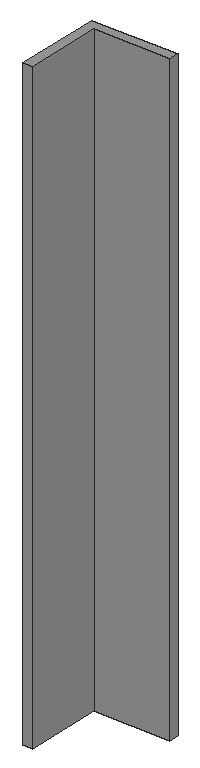
Revit family "GEN_A3-75x75mm-Aluminium-Corner-protector", category Generic Models, Revit 2015
Parameters (values of type "Corner Protector 75 x 75mm Aluminium")
  Model = "75 x 75MM Aluminium"
  Manufacturer = ""
  Description = "75 x 75mm x 1200mm High Aluminium corner protector"
  Assembly Code = ""
Reference planes
  plane 1 "Center (Front/Back)": y = 0
  plane 2: z = 0
  plane 3 "Center (Left/Right)": x = 0
Forms (mm)
  Extrusion 1, solid, material "Default"
    sketch origin (26.694, -23.306, 0) x (1, 0, 0) y (0, 1, 0)
      loop
        line (113.306, 53.306) -> (-56.694, 53.306) -> (-56.694, -116.694) -> (-36.694, -116.694) -> (-36.694, 33.306) -> (113.306, 33.306) -> (113.306, 53.306)
    from 0 to 1200
Dimensions and locks
  Extrusion 1 to level = 1200 mm
